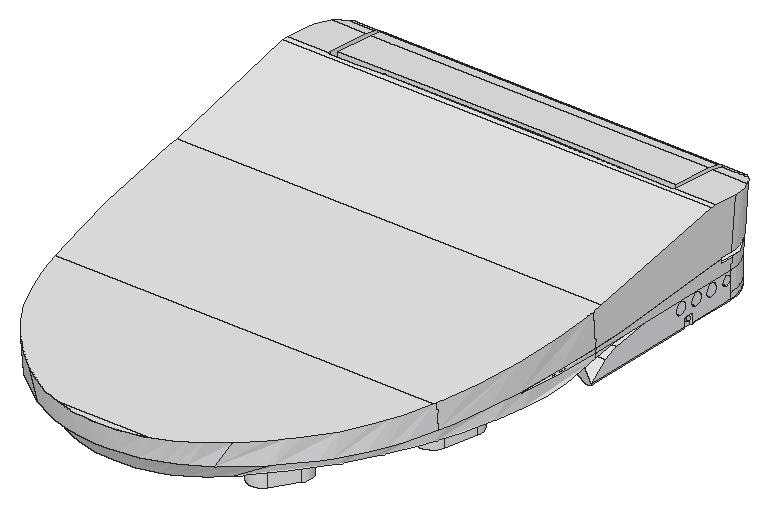
Revit family "Toilet_Seat-Elongated_Closed_Front-Cleansing-KOHLER-C3_1150-K-28362MY", category Plumbing Fixtures, host Face, Revit 2021 (continued)
Definition of nested family "K-28362MY"
  Lines and regions (in)
    symbolic lines, detail levels medium+fine
      curve 160: line (0, -1.81213, 1.21466) -> (0, -1.73983, 1.21466)
      curve 161: line (0, -3.29005, 1.39239) -> (0, -3.54651, 1.39239)
      curve 162: arc (0, -3.54651, 1.39239) -> (0, -3.60219, 1.36933) -> (0, -3.62525, 1.31365) r 0.07874
      curve 163: arc (0, -3.21131, 1.31365) -> (0, -3.23438, 1.36933) -> (0, -3.29005, 1.39239) r 0.07874
      curve 164: line (0, -3.21131, 1.31365) -> (0, -3.21131, 0.91732)
      curve 165: line (0, -3.62525, 1.31365) -> (0, -3.62525, 0.91732)
      curve 166: line (0, -3.12425, 1.38413) -> (0, -3.25494, 1.38413)
      curve 167: line (0, -2.46022, 1.17441) -> (0, -2.89432, 1.17441)
      curve 168: line (0, -1.81213, 1.176) -> (0, -0.20812, 1.176)
      curve 169: line (0, -1.81213, 1.21466) -> (0, -3.02881, 1.21466)
      curve 170: line (0, -1.89181, 1.21466) -> (0, -1.89181, 1.86201)
      curve 171: line (0, -2.24297, 1.86201) -> (0, -2.24297, 1.46831)
      curve 172: line (0, -2.24297, 1.46831) -> (0, -2.28177, 1.46831)
      curve 173: arc (0, -1.89181, 1.86201) -> (0, -2.06739, 2.03759) -> (0, -2.24297, 1.86201) r 0.17558
      curve 174: arc (0, -2.28177, 1.46831) -> (0, -2.57705, 1.76359) -> (0, -2.87232, 1.46831) r 0.29528
      curve 175: line (0, -2.87232, 1.46831) -> (0, -2.87232, 1.21466)
      curve 176: line (0, 0, 1.84336) -> (0, -0.19685, 1.84336)
      curve 177: line (0, -0.19685, 1.84336) -> (0, -0.19685, 1.38413)
      curve 178: line (0, -4.93094, 0.43136) -> (0, -4.44497, 0.91732)
      curve 179: line (0, -7.83541, 1.13476) -> (0, -3.61139, 1.13476)
      curve 180: line (0, -3.21131, 1.11549) -> (0, -3.02462, 1.11549)
      curve 181: line (0, -1.81213, 1.11549) -> (0, -0.26864, 1.11549)
      curve 182: line (0, -7.2775, 1.58243) -> (0, -7.46952, 1.176)
      curve 183: line (0, -7.46952, 1.176) -> (0, -7.21084, 0.91732)
      curve 184: spline (0, -0.0414, 3.06767) -> (0, -0.0578, 3.05496) -> (0, -0.07649, 3.04095) -> (0, -0.09744, 3.02569) -> (0, -0.12062, 3.00919) -> (0, -0.14598, 2.99148) -> (0, -0.17347, 2.97261) -> (0, -0.20306, 2.95259) -> (0, -0.23467, 2.93147) -> (0, -0.26827, 2.90929) -> (0, -0.30378, 2.88607) -> (0, -0.34114, 2.86188) -> (0, -0.38029, 2.83674)
      curve 185: spline (0, -0.38029, 2.83674) -> (0, -0.41028, 2.81904) -> (0, -0.44157, 2.80228) -> (0, -0.47411, 2.78649) -> (0, -0.50787, 2.77169) -> (0, -0.5428, 2.75789) -> (0, -0.57885, 2.74512) -> (0, -0.61599, 2.73339) -> (0, -0.65415, 2.72272) -> (0, -0.6933, 2.71311) -> (0, -0.73338, 2.70459) -> (0, -0.77434, 2.69717) -> (0, -0.81613, 2.69084)
      curve 186: spline (0, -0.73733, 2.51115) -> (0, -0.64545, 2.53324) -> (0, -0.55822, 2.55555) -> (0, -0.47606, 2.57799) -> (0, -0.39936, 2.60044) -> (0, -0.3285, 2.6228) -> (0, -0.26382, 2.64496) -> (0, -0.20561, 2.66681) -> (0, -0.15417, 2.68825) -> (0, -0.10974, 2.70918) -> (0, -0.07252, 2.7295) -> (0, -0.04271, 2.7491) -> (0, -0.02044, 2.7679)
      curve 187: arc (0, -1.76225, 1.85681) -> (0, -2.48359, 2.44738) -> (0, -3.12425, 1.77014) r 0.68413
      curve 188: line (0, -0.81613, 2.69084) -> (0, -2.3823, 2.52623)
      curve 189: line (0, -2.3823, 2.52623) -> (0, -4.64974, 2.44705)
      curve 190: line (0, -4.64974, 2.44705) -> (0, -12.87318, 2.0243)
      curve 191: arc (0, -12.87318, 2.0243) -> (0, -16.58763, 1.88077) -> (0, -20.30454, 1.83193) r 145.87605
      curve 192: arc (0, -20.0352, 1.78733) -> (0, -18.95252, 1.77332) -> (0, -17.86985, 1.78733) r 41.85311
      curve 193: arc (0, -17.86985, 1.78733) -> (0, -11.74924, 2.00831) -> (0, -5.63442, 2.35433) r 299.69268
      curve 194: arc (0, -5.63442, 2.35433) -> (0, -3.96644, 2.44313) -> (0, -2.29667, 2.48668) r 61.60574
      curve 195: arc (0, -2.29667, 2.48668) -> (0, -1.51569, 2.41541) -> (0, -0.73733, 2.51115) r 3.68202
      curve 196: arc (0, -6.96153, 1.62123) -> (0, -5.31908, 2.02172) -> (0, -3.68462, 2.45366) r 88.10831
      curve 197: arc (0, -6.85664, 1.76042) -> (0, -5.37976, 2.06015) -> (0, -3.92271, 2.44485) r 26.0288
      curve 198: arc (0, -5.09167, 2.3882) -> (0, -6.44282, 2.11565) -> (0, -7.80571, 1.90965) r 28.11493
      curve 199: arc (0, -7.80571, 1.90965) -> (0, -11.43775, 1.56762) -> (0, -15.08414, 1.45572) r 57.7178
      curve 200: arc (0, -15.08414, 1.45572) -> (0, -17.41157, 1.43448) -> (0, -19.7381, 1.36642) r 115.70256
      curve 201: line (0, -15.73157, 1.22238) -> (0, -17.50306, 1.19888)
      curve 202: line (0, -15.87791, 1.1253) -> (0, -17.33245, 1.10601)
      curve 203: line (0, -10.74329, 1.2966) -> (0, -13.00946, 1.2966)
      curve 204: line (-7.4128, -3.65709, 0) -> (-7.45552, -6.10457, 0)
      curve 205: line (0, -5.29395, 0.84881) -> (0, -4.96736, 0.84881)
      curve 206: line (0, -4.94137, 0.8748) -> (0, -4.94137, 0.91732)
      curve 207: line (0, -5.32277, 0.87763) -> (0, -5.32277, 0.91732)
      curve 208: arc (0, -4.96736, 0.84881) -> (0, -4.94898, 0.85642) -> (0, -4.94137, 0.8748) r 0.02599
      curve 209: arc (0, -5.29395, 0.84881) -> (0, -5.31433, 0.85725) -> (0, -5.32277, 0.87763) r 0.02882
      curve 210: arc (6.62148, 0, 1.83956) -> (6.33623, 0, 1.77928) -> (6.04824, 0, 1.7338) r 5.64484
      curve 211: line (-1.02586, 0, 0.91732) -> (-1.02586, 0, 1.02814)
      curve 212: line (1.02586, 0, 0.91732) -> (1.02586, 0, 1.02814)
      curve 213: line (-7.47268, 0, 3.77612) -> (-7.47268, 0, 3.99081)
      curve 214: arc (-7.31333, 0, 1.97927) -> (-7.29087, 0, 1.89978) -> (-7.26172, 0, 1.82249) r 0.96754
      curve 215: arc (-7.23601, 0, 1.6956) -> (-7.28764, 0, 1.77429) -> (-7.31333, 0, 1.86482) r 0.31058
      curve 216: arc (-7.31333, 0, 2.04835) -> (-6.69764, 0, 1.81807) -> (-6.0457, 0, 1.73392) r 2.86996
      curve 217: arc (7.31333, 0, 1.88549) -> (7.2553, 0, 1.79061) -> (7.18154, 0, 1.70736) r 0.63206
      curve 218: arc (7.21401, 0, 1.67304) -> (7.27102, 0, 1.73929) -> (7.31333, 0, 1.81577) r 0.42666
      curve 219: arc (7.31333, 0, 2.0486) -> (6.9705, 0, 1.93382) -> (6.62148, 0, 1.83956) r 6.09695
  Dimensions and locks (in)
    locked: plane 11 to plane 1 "Center (Front/Back)" at 20.43307
    locked: plane 11 to plane 12 at 19.62992
    locked: plane 18 to plane 17 at 7.88189
    locked: plane 16 to plane 15 at 11.42126
    locked: plane 19 to level at 4.48425
    locked: plane 19 to plane 20 at 3.56693
    locked: plane 22 to plane 20 at 1.81102
    locked: plane 23 to plane 20 at 1.43701
    plane 10 to plane 9 = 15.06299"
    aligned and locked: plane 2 to level
    aligned and locked: plane 28 to Masking region 1
    aligned and locked: plane 31 to Masking region 2
